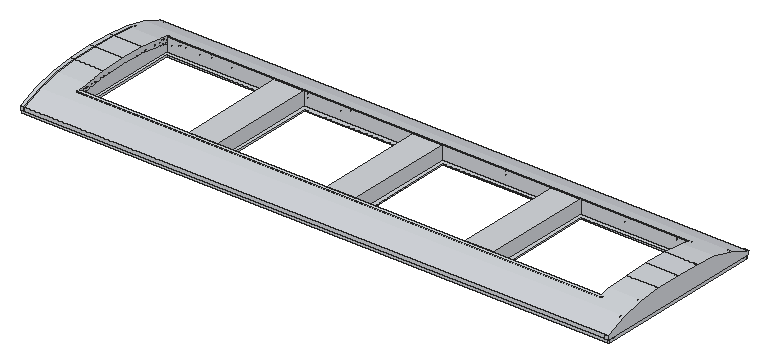
Revit family "Gira_0214806", category Electrical Fixtures, host Face, Revit 2017
Family settings
  Host = Face
  Maintain Annotation Orientation = No
  Round Connector Dimension = Use Diameter
  Part Type = Normal
  Cut with Voids When Loaded = No
  Shared = No
  Room Calculation Point = No
Parameters (values of type "Abdeckrahmen 4f Zwischenr. F Alu Gira Event Reinweiß")
  Werkstoffgüte = "Thermoplast"
  Werkstoff = "Kunststoff"
  URL = "http://katalog.gira.de/de_DE/datenblatt.html?artikelnr=0214806"
  Transparent = "No"
  Textfeld/Beschriftungsfläche = "No"
  Schutzart (IP) = "IP20"
  Region = "DE"
  Oberfläche = "sonstige"
  Name = "Abdeckrahmen 4f Zwischenr. F Alu Gira Event Reinweiß"
  Montagerichtung = "horizontal und vertikal"
  Mit Montagerahmen = "No"
  Mit Klappdeckel = "No"
  Manufacturer URL = "https://www.gira.de/"
  Keynote = "Event_Rahmen_4fach"
  HeinzeBIM = "https://bimportal.heinze.de/bim/abdeckrahmen-4f-zwischenr-f-alu-gira-event-reinweiss/0f8381effe8847a2227704fe90a55acea4cec0f7"
  Halogenfrei = "Yes"
  HAN = "0214806"
  Geeignet für Unterputz-Installation = "No"
  Geeignet für Unterflurkanaldose = "No"
  Geeignet für Geräteeinbaukanal = "No"
  Geeignet für Einbauinstallation = "No"
  GTIN = "4010337070092"
  Farbe = "weiß"
  Default Elevation = 1219.2 mm
  Data sheet (1) = "https://katalog.gira.de/de_DE/download.html?artikelnr=0214806"
  Category = "Abdeckrahmen"
  Befestigungsart = "Klemmbefestigung"
  Available = "Yes"
  Anzahl der Einheiten vertikal = "4 "
  Anzahl der Einheiten horizontal = "4 "
  Anzahl der Einheiten = "4 "
Reference planes
  plane 1 "Center (Front/Back)": y = 0
  plane 2: z = 0
  plane 3 "Center (Left/Right)": x = 0
Forms (mm)
  Extrusion 1, solid, detail levels fine
    sketch origin (0, 0, 0.05) x (0, 1, 0) y (0, 0, 1)
      loop
        arc (12.445, 9.683) -> (6.223, 9.833) -> (0, 9.85) r 291.636
        arc (0, 9.85) -> (-6.223, 9.833) -> (-12.445, 9.683) r 291.636
        arc (-12.445, 9.683) -> (-29.14, 7.482) -> (-45, 1.823) r 79.728
        line (-45, 1.823) -> (-45, -0.05) -> (-42.086, -0.05)
        arc (-42.086, -0.05) -> (-21.385, 5.559) -> (0, 7.206) r 114.424
        arc (0, 7.206) -> (21.385, 5.559) -> (42.086, -0.05) r 114.424
        line (42.086, -0.05) -> (45, -0.05) -> (45, 1.823)
        arc (45, 1.823) -> (29.14, 7.482) -> (12.445, 9.683) r 79.728
    from -151.95 to 151.935
  Extrusion 2, void, detail levels fine
    sketch origin (0, 0, 0) x (1, 0, 0) y (0, 1, 0)
      loop
        line (134.95, 28.035) -> (-134.95, 28.035) -> (-134.95, -28.035) -> (134.95, -28.035) -> (134.95, 28.035)
    from 0.724 to 11
  Extrusion 3, solid, detail levels coarse
    sketch origin (0, 0, 0) x (1, 0, 0) y (0, 1, 0)
      loop
        line (-151.95, 45) -> (-151.95, -45) -> (151.935, -45) -> (151.935, 45) -> (-151.95, 45)
    from -1.5 to 9.9
  Extrusion 4, solid, detail levels medium
    sketch origin (0, 0, 0.05) x (0, 1, 0) y (0, 0, 1)
      loop
        arc (12.445, 9.683) -> (6.223, 9.833) -> (0, 9.85) r 291.636
        arc (0, 9.85) -> (-6.223, 9.833) -> (-12.445, 9.683) r 291.636
        arc (-12.445, 9.683) -> (-29.14, 7.482) -> (-45, 1.823) r 79.728
        line (-45, 1.823) -> (-45, -0.05) -> (45, -0.05) -> (45, 1.823)
        arc (45, 1.823) -> (29.14, 7.482) -> (12.445, 9.683) r 79.728
    from -151.95 to 151.935
  Extrusion 5, solid, detail levels fine
    sketch origin (-106.95, 0, -1.5) x (0, 1, 0) y (0, 0, -1)
      loop
        line (45, -3.373) -> (45, -1.5) -> (-45, -1.5) -> (-45, -3.373)
        arc (-45, -3.373) -> (-29.14, -9.032) -> (-12.445, -11.233) r 79.728
        arc (-12.445, -11.233) -> (-6.223, -11.383) -> (0, -11.4) r 291.636
        arc (0, -11.4) -> (6.223, -11.383) -> (12.445, -11.233) r 291.636
        arc (12.445, -11.233) -> (29.14, -9.032) -> (45, -3.373) r 79.728
    from 43 to 45
  Extrusion 6, solid, detail levels fine
    sketch origin (0, 0, 0) x (1, 0, 0) y (0, 1, 0)
      loop
        line (-132.85, 25.7) -> (-132.85, -25.7) -> (-81.05, -25.7) -> (-81.05, 25.7) -> (-132.85, 25.7)
      loop
        line (-9.755, -25.7) -> (-9.755, 25.7) -> (-61.555, 25.7) -> (-61.555, -25.7) -> (-9.755, -25.7)
      loop
        line (-135.845, 28.49) -> (-135.845, -28.495)
        spline (-135.845, -28.495) -> (-135.836, -28.625) -> (-135.811, -28.754) -> (-135.769, -28.878) -> (-135.711, -28.995) -> (-135.638, -29.104) -> (-135.552, -29.202) -> (-135.454, -29.288) -> (-135.345, -29.361) -> (-135.228, -29.419) -> (-135.104, -29.461) -> (-134.975, -29.486) -> (-134.845, -29.495)
        line (-134.845, -29.495) -> (134.845, -29.495)
        spline (134.845, -29.495) -> (134.975, -29.486) -> (135.104, -29.461) -> (135.228, -29.419) -> (135.345, -29.361) -> (135.454, -29.288) -> (135.552, -29.202) -> (135.638, -29.104) -> (135.711, -28.995) -> (135.769, -28.878) -> (135.811, -28.754) -> (135.836, -28.625) -> (135.845, -28.495)
        line (135.845, -28.495) -> (135.845, 28.49)
        spline (135.845, 28.49) -> (135.836, 28.62) -> (135.811, 28.748) -> (135.769, 28.872) -> (135.711, 28.99) -> (135.638, 29.098) -> (135.552, 29.197) -> (135.454, 29.283) -> (135.345, 29.356) -> (135.228, 29.413) -> (135.104, 29.456) -> (134.975, 29.481) -> (134.845, 29.49)
        line (134.845, 29.49) -> (-134.845, 29.49)
        spline (-134.845, 29.49) -> (-134.975, 29.481) -> (-135.104, 29.456) -> (-135.228, 29.413) -> (-135.345, 29.356) -> (-135.454, 29.283) -> (-135.552, 29.197) -> (-135.638, 29.098) -> (-135.711, 28.99) -> (-135.769, 28.872) -> (-135.811, 28.748) -> (-135.836, 28.62) -> (-135.845, 28.49)
      loop
        line (61.545, -25.7) -> (61.545, 25.7) -> (9.745, 25.7) -> (9.745, -25.7) -> (61.545, -25.7)
      loop
        line (132.85, -25.7) -> (132.85, 25.7) -> (81.05, 25.7) -> (81.05, -25.7) -> (132.85, -25.7)
    from 0.1 to 7.3
  Extrusion 7, solid
    sketch origin (0, 0, 0) x (1, 0, 0) y (0, 1, 0)
      loop
        arc (-151.65, -44.218) -> (-151.504, -44.572) -> (-151.15, -44.718) r 0.5
        line (-151.15, -44.718) -> (151.15, -44.718)
        arc (151.15, -44.718) -> (151.504, -44.572) -> (151.65, -44.218) r 0.5
        line (151.65, -44.218) -> (151.65, 44.182)
        arc (151.65, 44.182) -> (151.504, 44.535) -> (151.15, 44.682) r 0.5
        line (151.15, 44.682) -> (-151.15, 44.682)
        arc (-151.15, 44.682) -> (-151.504, 44.535) -> (-151.65, 44.182) r 0.5
        line (-151.65, 44.182) -> (-151.65, -44.218)
      loop
        line (-149.95, 42.982) -> (-149.95, -43.018) -> (149.95, -43.018) -> (149.95, 42.982) -> (-149.95, 42.982)
    from -1.5 to 0.5
  Extrusion 8, solid, detail levels fine
    sketch origin (106.935, 0, -1.5) x (0, 1, 0) y (0, 0, 1)
      loop
        arc (45, 3.373) -> (29.14, 9.032) -> (12.445, 11.233) r 79.728
        arc (12.445, 11.233) -> (6.223, 11.383) -> (0, 11.4) r 291.636
        arc (0, 11.4) -> (-6.223, 11.383) -> (-12.445, 11.233) r 291.636
        arc (-12.445, 11.233) -> (-29.14, 9.032) -> (-45, 3.373) r 79.728
        line (-45, 3.373) -> (-45, 1.5) -> (45, 1.5) -> (45, 3.373)
    from 43 to 45
  Extrusion 9, solid, detail levels medium
    sketch origin (0, 0, 0) x (1, 0, 0) y (0, 1, 0)
      loop
        line (-151.65, -44.718) -> (151.65, -44.718) -> (151.65, 44.682) -> (-151.65, 44.682) -> (-151.65, -44.718)
    from -1.5 to 0.5
  Extrusion 10, solid, detail levels fine
    sketch origin (-69.857, 0, 0) x (1, 0, 0) y (0, 1, 0)
      loop
        line (-8.943, 28.063) -> (-8.943, -27.937) -> (6.057, -27.937) -> (6.057, 28.063) -> (-8.943, 28.063)
    from 0.724 to 7.566
  Extrusion 11, solid, detail levels fine
    sketch origin (-1.443, 0, 0) x (-1, 0, 0) y (0, -1, 0)
      loop
        line (-8.943, -28.063) -> (6.057, -28.063) -> (6.057, 27.937) -> (-8.943, 27.937) -> (-8.943, -28.063)
    from 0.724 to 7.566
  Extrusion 12, solid, detail levels fine
    sketch origin (69.857, 0, 0) x (-1, 0, 0) y (0, -1, 0)
      loop
        line (-8.943, -28.063) -> (6.057, -28.063) -> (6.057, 27.937) -> (-8.943, 27.937) -> (-8.943, -28.063)
    from 0.724 to 7.566
Cuts and joins
  Extrusion 2 cuts Extrusion 1
  Extrusion 2 cuts Extrusion 6
Dimensions and locks
  aligned and locked: plane 2 to host face
  aligned and locked: level to host face
